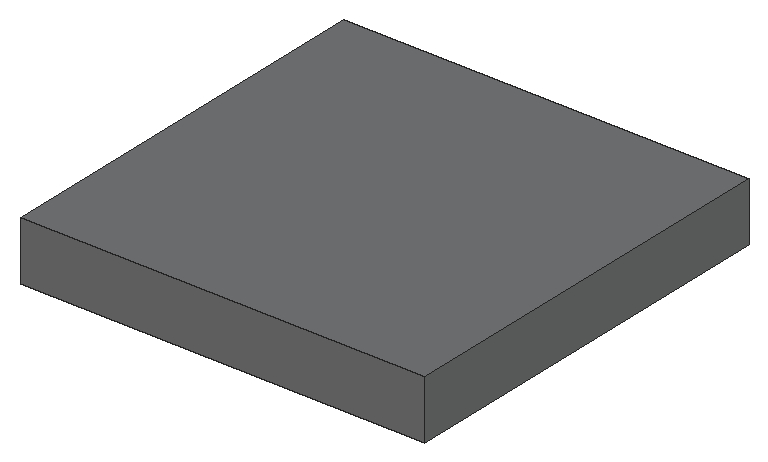
Revit family "Gira_028728", category Electrical Fixtures, host Face, Revit 2017
Family settings
  Host = Face
  Maintain Annotation Orientation = No
  Round Connector Dimension = Use Diameter
  Part Type = Normal
  Cut with Voids When Loaded = No
  Shared = No
  Room Calculation Point = No
Parameters (values of type "Rocker sym.door System 55 anthra.")
  With exchangeable lens/symbol = "No"
  URL = "http://katalog.gira.de/en/datenblatt.html?artikelnr=028728"
  Suitable for touch sensor connector for bus system = "No"
  Scannable symbol / barrier free = "No"
  Name = "Rocker sym.door System 55 anthra."
  Monitoring window/light outlet = "Yes"
  Model = "Single rocker"
  Manufacturer URL = "https://www.gira.de/"
  Manufacturer = "Gira"
  Keynote = ""
  HeinzeBIM = "https://bimportal.heinze.de/bim/rocker-sym-door-system-55-anthra-/a349f070fd46f9dd1125cb9556e3ed8e65578ebf"
  HAN = "028728"
  GTIN = "4010337287285"
  Description = "Rock.sym.door Sys55 AN,Rocker with symbol,Door,anthracite,"
  Default Elevation = 1219.2 mm
  Data sheet (1) = "https://katalog.gira.de/en/download.html?artikelnr=028728"
  Category = "Control element/cover plate for domestic switching devices"
  BIM (1) = "https://media.stage.bim.site/public/gira/36a6b08/Sys55_Abdeckung_Schalten und Tasten.rfa?public/gira/36a6b08/Sys55_Abdeckung_Schalten und Tasten.rfa"
  Available = "No"
  Anthrazit [instance] = Anthrazit
Reference planes
  plane 1 "Center (Front/Back)": y = 0
  plane 2: z = 0
  plane 3 "Center (Left/Right)": x = 0
Forms (mm)
  Extrusion 1, solid, material "Anthrazit" <- "Anthrazit", detail levels fine
    sketch origin (0, 0, 0) x (1, 0, 0) y (0, 1, 0)
      loop
        line (-27.5, 27.5) -> (-27.5, -27.5) -> (27.5, -27.5) -> (27.5, 27.5) -> (-27.5, 27.5)
    from 0 to 8
  Extrusion 2, void
    sketch origin (0, 0, 0) x (1, 0, 0) y (0, 1, 0)
      loop
        line (26, 26) -> (-26, 26) -> (-26, -26) -> (26, -26) -> (26, 26)
    from 0 to 6
  Extrusion 3, solid, material "Anthrazit" <- "Anthrazit", detail levels medium
    sketch origin (0, 0, 0) x (1, 0, 0) y (0, 1, 0)
      loop
        line (-27.5, 27.5) -> (-27.5, -27.5) -> (27.5, -27.5) -> (27.5, 27.5) -> (-27.5, 27.5)
    from 0 to 8
  Extrusion 4, solid, material "Anthrazit" <- "Anthrazit", detail levels medium
    sketch origin (0, 0, 0) x (1, 0, 0) y (0, 1, 0)
      loop
        line (11, -17.5) -> (11, 17.5) -> (-11, 17.5) -> (-11, -17.5) -> (11, -17.5)
    from -6 to 6
  Extrusion 5, solid, material "Anthrazit" <- "Anthrazit", detail levels fine
    sketch origin (0, 0, 0) x (1, 0, 0) y (0, 1, 0)
      loop
        line (11, 17.5) -> (-11, 17.5) -> (-11, 16.5) -> (11, 16.5) -> (11, 17.5)
      loop
        line (-11, -16.5) -> (-11, -17.5) -> (11, -17.5) -> (11, -16.5) -> (-11, -16.5)
    from -4 to 6
  Extrusion 6, solid, material "Anthrazit" <- "Anthrazit", detail levels fine
    sketch origin (0, 0, 0) x (1, 0, 0) y (0, 1, 0)
      loop
        arc (5, 9.347) -> (0, 10.6) -> (-5, 9.347) r 10.6
        line (-5, 9.347) -> (-5, -9.347)
        arc (-5, -9.347) -> (0, -10.6) -> (5, -9.347) r 10.6
        line (5, -9.347) -> (5, 9.347)
    from -6 to 6
  Extrusion 7, solid, material "Anthrazit" <- "Anthrazit", detail levels coarse
    sketch origin (0, 0, 0) x (1, 0, 0) y (0, 1, 0)
      loop
        line (-27.5, 27.5) -> (-27.5, -27.5) -> (27.5, -27.5) -> (27.5, 27.5) -> (-27.5, 27.5)
    from -6 to 8
Cuts and joins
  Extrusion 2 cuts Extrusion 1
Dimensions and locks
  aligned and locked: plane 2 to host face
  aligned and locked: level to host face
